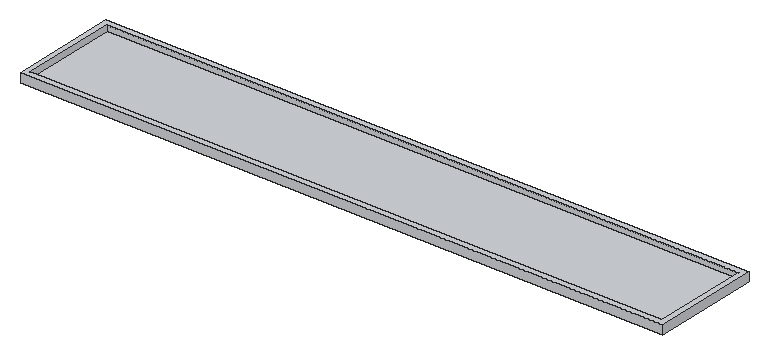
Revit family "Bocce Court", category Generic Models, Revit 2025
Family settings
  Can host rebar = No
  Round Connector Dimension = Use Diameter
  Part Type = Normal
  Work Plane-Based = No
  Always vertical = Yes
  Cut with Voids When Loaded = No
  Maintain Annotation Orientation = No
  Shared = No
  Room Calculation Point = No
Parameters
  Default Elevation = 0 mm
  Court_Width = 3000 mm
  Court_Length = 18000 mm
  Bumper_Thickness = 150 mm
  Bumper_Height = 250 mm
Reference planes
  plane 1 "Center (Front/Back)": y = 0
  plane 2: z = 0
  plane 3 "Center (Left/Right)": x = 0
  plane 4: y = 1500
  plane 5: x = 9000
  plane 6: y = -1500
  plane 7: x = -9000
  plane 8: y = 1350
  plane 9: x = 8850
  plane 10: x = -8850
  plane 11: y = -1350
Forms (mm)
  Extrusion 1, solid
    sketch origin (0, 0, 0) x (1, 0, 0) y (0, 1, 0)
      loop
        line (9000, -1500) -> (9000, 1500) -> (-9000, 1500) -> (-9000, -1500) -> (9000, -1500)
      loop
        line (-8850, 1350) -> (-8850, -1350) -> (8850, -1350) -> (8850, 1350) -> (-8850, 1350)
    from 0 to 250 <- "Bumper_Height"
  Extrusion 2, solid
    sketch origin (0, 0, 0) x (1, 0, 0) y (0, 1, 0)
      loop
        line (-8850, 1350) -> (-8850, -1350) -> (8850, -1350) -> (8850, 1350) -> (-8850, 1350)
    from 0 to 100
Dimensions and locks
  equal spacing: plane 7, plane 3 "Center (Left/Right)", plane 5
  equal spacing: plane 4, plane 1 "Center (Front/Back)", plane 6
  "Court_Length": plane 7 to plane 5
  "Court_Width": plane 4 to plane 6
  equal spacing: plane 11, plane 1 "Center (Front/Back)", plane 8
  equal spacing: plane 10, plane 3 "Center (Left/Right)", plane 9
  "Bumper_Thickness": plane 9 to plane 5
  "Bumper_Thickness": plane 6 to plane 11
  plane 7 to plane 10 = 150 mm
  plane 4 to plane 8 = 150 mm
  aligned and locked: level to plane 2
  aligned and locked: Extrusion 1 sketch curve to plane 6
  aligned and locked: Extrusion 1 sketch curve to plane 5
  aligned and locked: Extrusion 1 sketch curve to plane 4
  aligned and locked: Extrusion 1 sketch curve to plane 7
  aligned and locked: Extrusion 1 sketch curve to plane 8
  aligned and locked: Extrusion 1 sketch curve to plane 10
  aligned and locked: Extrusion 1 sketch curve to plane 11
  aligned and locked: plane 9 to Extrusion 1 sketch curve
  aligned and locked: Extrusion 2 sketch curve to Extrusion 1  (x4)
